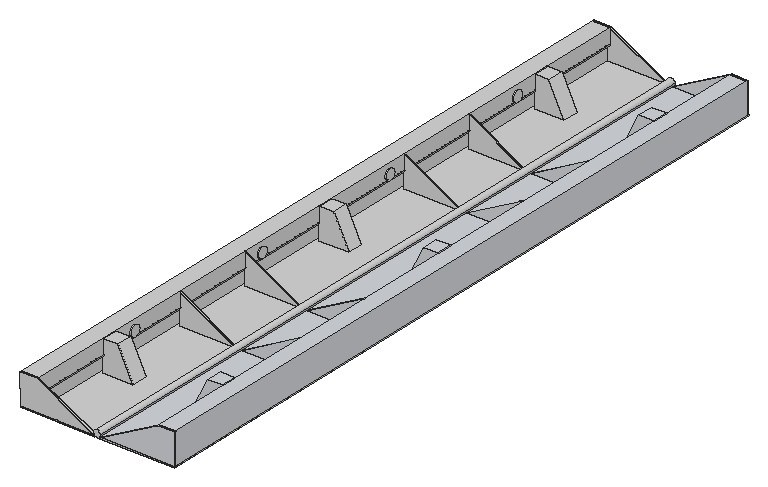
Revit family "ORMA_ORMA HINGED INSIDE CORNER 2,7_1900096", category Generic Models, Revit 2018
Family settings
  Can host rebar = No
  Round Connector Dimension = Use Diameter
  Part Type = Normal
  OmniClass Number = 35.51.14.00
  OmniClass Title = FORMWORK
  Work Plane-Based = Yes
  Always vertical = No
  Cut with Voids When Loaded = No
  Shared = Yes
  Room Calculation Point = No
Parameters
  VERSION = "20190101"  # constant formula
  URL = "www.ulmaconstruction.com/en"
  UNICLASS = ""
  REAL ANGLE [instance] = if(ANGLE < 65.00°, 65.00°, if(ANGLE < 265.00°, ANGLE, 265.00°))  # 180.00°
  ITEM_CODE = "1900096"
  Manufacturer = "ULMA CONSTRUCTION"  # constant formula
  INSERTION PLANE POSITION [instance] = if(19.621 mm - INSERTION PLANE CALCULATION < 0.000 mm, 0.000 mm, 19.621 mm - INSERTION PLANE CALCULATION)  # 19.621 mm
  INSERTION PLANE CALCULATION [instance] = if(REAL ANGLE = 180.00°, 0.000 mm, (12.500 mm * sin(90.00° - REAL ANGLE) + 12.500 mm) * tan(90.00° - REAL ANGLE) + 12.500 mm * cos(90.00° - REAL ANGLE))  # 0.000 mm
  FILTER [instance] = ""
  Default Elevation = 0.000 mm
  CLASSIFICATION_TITLE = ""
  CLASSIFICATION_NUMBER = ""
  ANGLE [instance] = 180.00°
Reference planes
  plane 1 "Centro (Frontal/Posterior)": y = 0
  plane 2: z = 0
  plane 3 "Centro (Izquierda/Derecha)": x = 0
  plane 4 "ITEM_HEIGHT": y = 2700
  plane 5 "CENTER": z = 12.5
  plane 6 "INSERTION PLANE": x = 0
  plane 7 "TIE HOLE 1": y = 560
  plane 8 "TIE HOLE 2": y = 2140
  plane 9 "LATERAL HOLE 1": y = 450
  plane 10 "LATERAL HOLE 2": y = 1050
  plane 11 "INSERTION PLANE BASE": x = 19.621
  plane 12 "TIE HOLES": x = -261.5
  plane 13 "Centro I/L": y = 1650
  plane 14 "Centro I/M": y = 2250
Forms (mm)
  Extrusion 1, solid, material "ULMA ZINC"
    sketch origin (0, 0, 0) x (1, 0, 0) y (0, 0, 1)
      loop
        circle (0, 12.5) r 12.5
    from -2700 to 0
  Extrusion 2, solid, material "ULMA ZINC", detail levels fine
    sketch origin (0, 0, 0) x (1, 0, 0) y (0, 0, 1)
      loop
        line (-10, 4) -> (-290, 4) -> (-290, 0) -> (-10, 0) -> (-10, 4)
    from -2700 to 0
  Extrusion 3, solid, material "ULMA ZINC", detail levels fine
    sketch origin (0, 0, 0) x (1, 0, 0) y (0, 0, 1)
      loop
        line (-290, 120) -> (-290, 4) -> (-237.5, 4) -> (-237.5, 52.039)
        arc (-237.5, 52.039) -> (-237.085, 53.419) -> (-235.977, 54.341) r 2.5
        line (-235.977, 54.341) -> (-228.656, 57.448)
        arc (-228.656, 57.448) -> (-225.997, 59.66) -> (-225, 62.971) r 6
        line (-225, 62.971) -> (-225, 120) -> (-290, 120)
    from -2694 to -6
  Extrusion 4, solid, material "ULMA ZINC", detail levels fine
    sketch origin (0, 0, 0) x (1, 0, 0) y (0, 0, 1)
      loop
        line (-225, 120) -> (-225, 4) -> (-12, 4) -> (-225, 120)
    from -668 to -672
  Extrusion 5, solid, material "ULMA ZINC", detail levels fine
    sketch origin (0, 0, -4) x (1, 0, 0) y (0, 0, 1)
      loop
        line (-290, 124) -> (-290, 8) -> (-12, 8) -> (-227.145, 124) -> (-290, 124)
    from 0 to -6
  Extrusion 6, solid, material "ULMA ZINC", detail levels fine
    sketch origin (0, 2700, 0) x (-1, 0, 0) y (0, 0, 1)
      loop
        line (290, 120) -> (227.145, 120) -> (12, 4) -> (290, 4) -> (290, 120)
    from 0 to -6
  Extrusion 7, solid, material "ULMA ZINC", detail levels fine
    sketch origin (-225, 307, 1200) x (-1, 0, 0) y (0, 0, 1)
      loop
        line (0, -1080) -> (-55.487, -1080) -> (-112, -1196) -> (0, -1196) -> (0, -1080)
    from 0 to 60
  Extrusion 8, solid, material "ULMA ZINC", detail levels fine
    sketch origin (0, 0, 0) x (1, 0, 0) y (0, 0, 1)
      loop
        line (-225, 120) -> (-225, 4) -> (-12, 4) -> (-225, 120)
    from -973 to -977
  Extrusion 9, solid, material "ULMA ZINC", detail levels fine
    sketch origin (0, 0, 0) x (1, 0, 0) y (0, 0, 1)
      loop
        line (-225, 120) -> (-225, 4) -> (-12, 4) -> (-225, 120)
    from -1723 to -1727
  Extrusion 10, solid, material "ULMA ZINC", detail levels fine
    sketch origin (0, 0, 0) x (1, 0, 0) y (0, 0, 1)
      loop
        line (-225, 120) -> (-225, 4) -> (-12, 4) -> (-225, 120)
    from -2028 to -2032
  Extrusion 11, solid, material "ULMA ZINC", detail levels fine
    sketch origin (-225, 1322, 1200) x (-1, 0, 0) y (0, 0, 1)
      loop
        line (0, -1080) -> (-55.487, -1080) -> (-112, -1196) -> (0, -1196) -> (0, -1080)
    from 0 to 60
  Extrusion 12, solid, material "ULMA ZINC", detail levels fine
    sketch origin (-225, 0, 62.971) x (0, 0, 1) y (0, -1, 0)
      loop
        circle (23.029, -450) r 19
    from 0 to 8
  Extrusion 13, solid, material "ULMA ZINC", detail levels fine
    sketch origin (-225, 600, 62.971) x (0, 0, 1) y (0, -1, 0)
      loop
        circle (23.029, -450) r 19
    from 0 to 8
  Extrusion 14, solid, material "ULMA ZINC", detail levels coarse+medium
    sketch origin (0, 0, 0) x (1, 0, 0) y (0, 0, 1)
      loop
        line (-290, 120) -> (-290, 0) -> (-4.581, 0) -> (-227.145, 120) -> (-290, 120)
    from 0 to -2700
  Extrusion 15, solid, material "ULMA ZINC", detail levels fine
    sketch origin (-225, 2337, 1200) x (-1, 0, 0) y (0, 0, 1)
      loop
        line (0, -1080) -> (-55.487, -1080) -> (-112, -1196) -> (0, -1196) -> (0, -1080)
    from 0 to 60
  Extrusion 16, solid, material "ULMA ZINC", detail levels fine
    sketch origin (-225, 1200, 62.971) x (0, 0, 1) y (0, -1, 0)
      loop
        circle (23.029, -450) r 19
    from 0 to 8
  Extrusion 17, solid, material "ULMA ZINC", detail levels fine
    sketch origin (-225, 1800, 62.971) x (0, 0, 1) y (0, -1, 0)
      loop
        circle (23.029, -450) r 19
    from 0 to 8
Lines and regions (mm)
  reference lines
    curve 1: line (0, 0, 12.5) -> (311.15, 0, 12.5)
    curve 22: line (261.5, 0, 120) -> (261.5, 2700, 120)
    curve 23: line (259.645, 2700, 119) -> (259.645, 2700, -1)
  model lines, style "ULMA PANELS", detail levels fine
    curve 2: circle (-170, 307, 64) r 10.25 normal (0, 1, 0)
    curve 3: circle (-170, 367, 64) r 10.25 normal (0, 1, 0)
    curve 4: circle (-170, 1322, 64) r 10.25 normal (0, 1, 0)
    curve 5: circle (-170, 1382, 64) r 10.25 normal (0, 1, 0)
    curve 6: circle (-261.5, 560, 0) r 13 normal (0, 0, 1)
    curve 7: arc (-246, 567.5, 120) -> (-261.5, 583, 120) -> (-277, 567.5, 120) r 15.5
    curve 8: line (-277, 552.5, 120) -> (-277, 567.5, 120)
    curve 9: arc (-277, 552.5, 120) -> (-261.5, 537, 120) -> (-246, 552.5, 120) r 15.5
    curve 10: line (-246, 567.5, 120) -> (-246, 552.5, 120)
    curve 11: circle (-261.5, 560, 120) r 13 normal (0, 0, 1)
    curve 12: circle (-261.5, 2140, 0) r 13 normal (0, 0, 1)
    curve 13: arc (-246, 2147.5, 120) -> (-261.5, 2163, 120) -> (-277, 2147.5, 120) r 15.5
    curve 14: line (-277, 2132.5, 120) -> (-277, 2147.5, 120)
    curve 15: arc (-277, 2132.5, 120) -> (-261.5, 2117, 120) -> (-246, 2132.5, 120) r 15.5
    curve 16: line (-246, 2147.5, 120) -> (-246, 2132.5, 120)
    curve 17: circle (-261.5, 2140, 120) r 13 normal (0, 0, 1)
    curve 18: circle (-217, 450, 86) r 11 normal (1, 0, 0)
    curve 19: circle (-290, 450, 86) r 11 normal (1, 0, 0)
    curve 20: circle (-217, 1050, 86) r 11 normal (1, 0, 0)
    curve 21: circle (-290, 1050, 86) r 11 normal (1, 0, 0)
    curve 24: circle (-170, 2337, 64) r 10.25 normal (0, 1, 0)
    curve 25: circle (-170, 2397, 64) r 10.25 normal (0, 1, 0)
    curve 26: circle (-217, 1650, 86) r 11 normal (1, 0, 0)
    curve 27: circle (-290, 1650, 86) r 11 normal (1, 0, 0)
    curve 28: circle (-217, 2250, 86) r 11 normal (1, 0, 0)
    curve 29: circle (-290, 2250, 86) r 11 normal (1, 0, 0)
Dimensions and locks
  locked: plane 1 "Centro (Frontal/Posterior)" to plane 4 "ITEM_HEIGHT" at 2700
  locked: plane 11 "INSERTION PLANE BASE" to plane 3 "Centro (Izquierda/Derecha)" at 19.621
  "INSERTION PLANE POSITION": plane 11 "INSERTION PLANE BASE" to plane 6 "INSERTION PLANE"
  locked: plane 12 "TIE HOLES" to plane 3 "Centro (Izquierda/Derecha)" at 261.5
  "REAL ANGLE": angle curve 1 to plane 5 "CENTER"
  aligned and locked: level to plane 2
  aligned and locked: plane 4 "ITEM_HEIGHT" to Extrusion 1
  aligned and locked: plane 1 "Centro (Frontal/Posterior)" to Extrusion 1
  aligned and locked: plane 3 "Centro (Izquierda/Derecha)" to curve 1
  aligned and locked: plane 5 "CENTER" to curve 1
  aligned and locked: plane 4 "ITEM_HEIGHT" to Extrusion 2
  aligned and locked: plane 4 "ITEM_HEIGHT" to Extrusion 14
Automatic sketch dimensions
  Extrusion 1 sketch curve to plane 3 "Centro (Izquierda/Derecha)" = 0.000 mm
  Extrusion 1 sketch curve to plane 5 "CENTER" = 0.000 mm
  plane 3 "Centro (Izquierda/Derecha)" to Extrusion 2 sketch curve = 10.000 mm
  Extrusion 2 sketch curve to level = 4.000 mm
  Extrusion 5 sketch curve to level = 4.000 mm
  plane 3 "Centro (Izquierda/Derecha)" to Extrusion 5 sketch curve = 290.000 mm
  Extrusion 5 sketch curve to Extrusion 5 sketch curve = 62.855 mm
  plane 3 "Centro (Izquierda/Derecha)" to Extrusion 5 sketch curve = 12.000 mm
  Extrusion 6 sketch curve to plane 3 "Centro (Izquierda/Derecha)" = 227.145 mm
  plane 3 "Centro (Izquierda/Derecha)" to Extrusion 2 sketch curve = 290.000 mm
  Extrusion 2 sketch curve to level = 0.000 mm
  Extrusion 3 sketch curve to level = 4.000 mm
  Extrusion 3 sketch curve to Extrusion 3 sketch curve = 52.500 mm
  plane 3 "Centro (Izquierda/Derecha)" to Extrusion 3 sketch curve = 237.500 mm
  Extrusion 3 sketch curve to Extrusion 3 sketch curve = 48.039 mm
  Extrusion 3 sketch curve to Extrusion 3 sketch curve = 67.961 mm
  Extrusion 3 sketch curve to Extrusion 3 sketch curve = 1.523 mm
  Extrusion 3 sketch curve to Extrusion 3 sketch curve = 0.977 mm
  Extrusion 3 sketch curve to plane 5 "CENTER" = 44.948 mm
  Extrusion 3 sketch curve to Extrusion 3 sketch curve = 7.321 mm
  Extrusion 3 sketch curve to Extrusion 3 sketch curve = 3.656 mm
  Extrusion 3 sketch curve to Extrusion 3 sketch curve = 5.523 mm
  Extrusion 4 sketch curve to plane 5 "CENTER" = 107.500 mm
  Extrusion 4 sketch curve to Extrusion 4 sketch curve = 213.000 mm
  Extrusion 4 sketch curve to level = 4.000 mm
  plane 3 "Centro (Izquierda/Derecha)" to Extrusion 4 sketch curve = 12.000 mm
  Extrusion 5 sketch curve to plane 5 "CENTER" = 107.500 mm
  level to Extrusion 6 sketch curve = 4.000 mm
  Extrusion 6 sketch curve to Extrusion 6 sketch curve = 62.855 mm
  Extrusion 6 sketch curve to plane 3 "Centro (Izquierda/Derecha)" = 12.000 mm
  plane 5 "CENTER" to Extrusion 6 sketch curve = 107.500 mm
  Extrusion 8 sketch curve to level = 4.000 mm
  plane 3 "Centro (Izquierda/Derecha)" to Extrusion 8 sketch curve = 225.000 mm
  plane 3 "Centro (Izquierda/Derecha)" to Extrusion 8 sketch curve = 12.000 mm
  Extrusion 8 sketch curve to plane 5 "CENTER" = 107.500 mm
  Extrusion 9 sketch curve to level = 4.000 mm
  plane 3 "Centro (Izquierda/Derecha)" to Extrusion 9 sketch curve = 225.000 mm
  plane 3 "Centro (Izquierda/Derecha)" to Extrusion 9 sketch curve = 12.000 mm
  Extrusion 9 sketch curve to plane 5 "CENTER" = 107.500 mm
  Extrusion 10 sketch curve to level = 4.000 mm
  plane 3 "Centro (Izquierda/Derecha)" to Extrusion 10 sketch curve = 225.000 mm
  plane 3 "Centro (Izquierda/Derecha)" to Extrusion 10 sketch curve = 12.000 mm
  Extrusion 10 sketch curve to plane 5 "CENTER" = 107.500 mm
  Extrusion 7 sketch curve to Extrusion 7 sketch curve = 56.513 mm
  Extrusion 7 sketch curve to Extrusion 7 sketch curve = 112.000 mm
  Extrusion 7 sketch curve to Extrusion 7 sketch curve = 116.000 mm
  Extrusion 11 sketch curve to Extrusion 11 sketch curve = 56.513 mm
  Extrusion 11 sketch curve to Extrusion 11 sketch curve = 112.000 mm
  Extrusion 11 sketch curve to Extrusion 11 sketch curve = 116.000 mm
  Extrusion 14 sketch curve to level = 0.000 mm
  Extrusion 14 sketch curve to plane 3 "Centro (Izquierda/Derecha)" = 290.000 mm
  Extrusion 14 sketch curve to Extrusion 14 sketch curve = 62.855 mm
  Extrusion 14 sketch curve to plane 3 "Centro (Izquierda/Derecha)" = 4.581 mm
  plane 5 "CENTER" to Extrusion 14 sketch curve = 107.500 mm
  curve 23 to curve 23 = 105.625 mm
  curve 23 to curve 23 = 56.950 mm
  Extrusion 15 sketch curve to Extrusion 15 sketch curve = 56.513 mm
  Extrusion 15 sketch curve to Extrusion 15 sketch curve = 112.000 mm
  Extrusion 15 sketch curve to Extrusion 15 sketch curve = 116.000 mm
  curve 22 to curve 22 = 2700.000 mm
  level to Extrusion 15 sketch curve = 4.000 mm
  Extrusion 15 sketch curve to plane 3 "Centro (Izquierda/Derecha)" = 113.000 mm
  Extrusion 15 to curve 24 = 55.000 mm
  Extrusion 15 to curve 24 = 56.000 mm
  curve 25 to Extrusion 15 = 55.000 mm
  curve 25 to Extrusion 15 = 56.000 mm
  Extrusion 17 sketch curve to plane 14 "Centro I/M" = 0.000 mm
  plane 5 "CENTER" to Extrusion 17 sketch curve = 73.500 mm
  curve 29 to plane 14 "Centro I/M" = 0.000 mm
  plane 5 "CENTER" to curve 29 = 73.500 mm
  curve 12 to plane 8 "TIE HOLE 2" = 0.000 mm
  curve 12 to plane 12 "TIE HOLES" = 0.000 mm
  curve 13 to Extrusion 3 = 28.500 mm
  curve 17 to curve 13 = 0.000 mm
  Extrusion 3 to curve 15 = 561.500 mm
  curve 15 to curve 17 = 7.500 mm
  curve 17 to curve 13 = 7.500 mm
  curve 14 to Extrusion 3 = 13.000 mm
  Extrusion 16 sketch curve to plane 13 "Centro I/L" = 0.000 mm
  plane 5 "CENTER" to Extrusion 16 sketch curve = 73.500 mm
  curve 27 to plane 13 "Centro I/L" = 0.000 mm
  plane 5 "CENTER" to curve 27 = 73.500 mm
  level to Extrusion 11 sketch curve = 4.000 mm
  Extrusion 11 sketch curve to plane 3 "Centro (Izquierda/Derecha)" = 113.000 mm
  Extrusion 11 to curve 4 = 55.000 mm
  Extrusion 11 to curve 4 = 56.000 mm
  curve 5 to Extrusion 11 = 55.000 mm
  curve 5 to Extrusion 11 = 56.000 mm
  Extrusion 13 sketch curve to plane 10 "LATERAL HOLE 2" = 0.000 mm
  plane 5 "CENTER" to Extrusion 13 sketch curve = 73.500 mm
  curve 21 to plane 10 "LATERAL HOLE 2" = 0.000 mm
  plane 5 "CENTER" to curve 21 = 73.500 mm
  curve 6 to plane 7 "TIE HOLE 1" = 0.000 mm
  curve 6 to plane 12 "TIE HOLES" = 0.000 mm
  curve 7 to plane 12 "TIE HOLES" = 0.000 mm
  curve 11 to plane 7 "TIE HOLE 1" = 0.000 mm
  curve 11 to plane 12 "TIE HOLES" = 0.000 mm
  curve 9 to plane 7 "TIE HOLE 1" = 7.500 mm
  curve 11 to curve 7 = 7.500 mm
  curve 8 to plane 12 "TIE HOLES" = 15.500 mm
  Extrusion 12 sketch curve to plane 9 "LATERAL HOLE 1" = 0.000 mm
  plane 5 "CENTER" to Extrusion 12 sketch curve = 73.500 mm
  curve 19 to plane 9 "LATERAL HOLE 1" = 0.000 mm
  plane 5 "CENTER" to curve 19 = 73.500 mm
  level to Extrusion 7 sketch curve = 4.000 mm
  Extrusion 7 sketch curve to plane 3 "Centro (Izquierda/Derecha)" = 113.000 mm
  Extrusion 7 to curve 2 = 55.000 mm
  Extrusion 7 to curve 2 = 56.000 mm
  curve 3 to Extrusion 7 = 55.000 mm
  curve 3 to Extrusion 7 = 56.000 mm
  radius of Extrusion 1 sketch curve = 12.500 mm
  radius of Extrusion 12 sketch curve = 19.000 mm
  radius of curve 18 to Extrusion 12 = 8.000 mm  (x2)
  radius of curve 19 = 11.000 mm  (x2)
  radius of Extrusion 13 sketch curve = 19.000 mm
  radius of curve 20 to Extrusion 13 = 8.000 mm  (x2)
  radius of curve 21 = 11.000 mm  (x2)
  radius of Extrusion 16 sketch curve = 19.000 mm
  radius of curve 26 to Extrusion 16 = 8.000 mm  (x2)
  radius of curve 27 = 11.000 mm  (x2)
  radius of Extrusion 17 sketch curve = 19.000 mm
  radius of curve 28 to Extrusion 17 = 8.000 mm  (x2)
  radius of curve 29 = 11.000 mm  (x2)
  radius of curve 24 = 10.250 mm
  radius of curve 25 = 10.250 mm
  radius of curve 12 = 13.000 mm
  radius of curve 17 = 13.000 mm
  radius of curve 4 = 10.250 mm
  radius of curve 5 = 10.250 mm
  radius of curve 6 = 13.000 mm
  radius of curve 11 = 13.000 mm
  radius of curve 2 = 10.250 mm
  radius of curve 3 = 10.250 mm
Nested families
  nested 1: "LATERAL ESCUADRA INT G - 1908347_PANELS" at (0, 0, 0) x (-1, 0, 0) z (0, 0, 1), type "LATERAL ESCUADRA INT G - 1908347_PANELS"
    with FILTER ""
Definition of nested family "LATERAL ESCUADRA INT G - 1908347_PANELS"
  Parameters (values of type "LATERAL ESCUADRA INT G - 1908347_PANELS")
    VERSION = "20190101"  # constant formula
    URL = "www.ulmaconstruction.com/en"
    UNICLASS = ""
    Manufacturer = "ULMA CONSTRUCTION"  # constant formula
    FILTER [instance] = ""
    Default Elevation = 0.000 mm
    CLASSIFICATION_TITLE = ""
    CLASSIFICATION_NUMBER = ""
  Reference planes
    plane 1 "Centro (Frontal/Posterior)": y = 0
    plane 2: z = 0
    plane 3 "Centro (Izquierda/Derecha)": x = 0
    plane 4 "ITEM_HEIGHT": y = 2700
    plane 5 "CENTER": z = 12.5
    plane 6 "TIE HOLE 1": y = 560
    plane 7 "TIE HOLE 2": y = 2140
    plane 8 "LATERAL HOLE 1": y = 450
    plane 9 "LATERAL HOLE 1": y = 450
    plane 10 "LATERAL HOLE 2": y = 1050
    plane 11 "TIE HOLES": x = -261.5
    plane 12 "Centro I/L": y = 1650
    plane 13 "Centro I/M": y = 2250
  Forms (mm)
    Extrusion 1, solid, detail levels fine
      sketch origin (0, 0, 0) x (1, 0, 0) y (0, 0, 1)
        loop
          line (-10, 4) -> (-290, 4) -> (-290, 0) -> (-10, 0) -> (-10, 4)
      from -2700 to 0
    Extrusion 2, solid, detail levels fine
      sketch origin (0, 0, 0) x (1, 0, 0) y (0, 0, 1)
        loop
          line (-290, 120) -> (-290, 4) -> (-237.5, 4) -> (-237.5, 52.039)
          arc (-237.5, 52.039) -> (-237.085, 53.419) -> (-235.977, 54.341) r 2.5
          line (-235.977, 54.341) -> (-228.656, 57.448)
          arc (-228.656, 57.448) -> (-225.997, 59.66) -> (-225, 62.971) r 6
          line (-225, 62.971) -> (-225, 120) -> (-290, 120)
      from -2694 to -6
    Extrusion 3, solid, detail levels fine
      sketch origin (0, 0, 0) x (1, 0, 0) y (0, 0, 1)
        loop
          line (-225, 120) -> (-225, 4) -> (-12, 4) -> (-225, 120)
      from -668 to -672
    Extrusion 4, solid, detail levels fine
      sketch origin (0, 0, -4) x (1, 0, 0) y (0, 0, 1)
        loop
          line (-290, 124) -> (-290, 8) -> (-12, 8) -> (-227.145, 124) -> (-290, 124)
      from 0 to -6
    Extrusion 5, solid, detail levels fine
      sketch origin (0, 2700, 0) x (-1, 0, 0) y (0, 0, 1)
        loop
          line (290, 120) -> (227.145, 120) -> (12, 4) -> (290, 4) -> (290, 120)
      from 0 to -6
    Extrusion 6, solid, detail levels fine
      sketch origin (-225, 307, 1200) x (-1, 0, 0) y (0, 0, 1)
        loop
          line (0, -1080) -> (-55.487, -1080) -> (-112, -1196) -> (0, -1196) -> (0, -1080)
      from 0 to 60
    Extrusion 7, solid, detail levels fine
      sketch origin (0, 0, 0) x (1, 0, 0) y (0, 0, 1)
        loop
          line (-225, 120) -> (-225, 4) -> (-12, 4) -> (-225, 120)
      from -973 to -977
    Extrusion 8, solid, detail levels fine
      sketch origin (0, 0, 0) x (1, 0, 0) y (0, 0, 1)
        loop
          line (-225, 120) -> (-225, 4) -> (-12, 4) -> (-225, 120)
      from -1723 to -1727
    Extrusion 9, solid, detail levels fine
      sketch origin (0, 0, 0) x (1, 0, 0) y (0, 0, 1)
        loop
          line (-225, 120) -> (-225, 4) -> (-12, 4) -> (-225, 120)
      from -2028 to -2032
    Extrusion 10, solid, detail levels fine
      sketch origin (-225, 1322, 1200) x (-1, 0, 0) y (0, 0, 1)
        loop
          line (0, -1080) -> (-55.487, -1080) -> (-112, -1196) -> (0, -1196) -> (0, -1080)
      from 0 to 60
    Extrusion 11, solid, detail levels fine
      sketch origin (-225, 0, 62.971) x (0, 0, 1) y (0, -1, 0)
        loop
          circle (23.029, -450) r 19
      from 0 to 8
    Extrusion 12, solid, not visible, detail levels fine
      sketch origin (-225, 0, 62.971) x (0, 0, 1) y (0, -1, 0)
        loop
          circle (23.029, -450) r 19
      from 0 to 8
    Extrusion 13, solid, detail levels fine
      sketch origin (-225, 600, 62.971) x (0, 0, 1) y (0, -1, 0)
        loop
          circle (23.029, -450) r 19
      from 0 to 8
    Extrusion 14, solid, detail levels coarse+medium
      sketch origin (0, 0, 0) x (1, 0, 0) y (0, 0, 1)
        loop
          line (-290, 120) -> (-290, 0) -> (-4.581, 0) -> (-227.145, 120) -> (-290, 120)
      from 0 to -2700
    Extrusion 15, solid, detail levels fine
      sketch origin (-225, 2337, 1200) x (-1, 0, 0) y (0, 0, 1)
        loop
          line (0, -1080) -> (-55.487, -1080) -> (-112, -1196) -> (0, -1196) -> (0, -1080)
      from 0 to 60
    Extrusion 16, solid, detail levels fine
      sketch origin (-225, 1200, 62.971) x (0, 0, 1) y (0, -1, 0)
        loop
          circle (23.029, -450) r 19
      from 0 to 8
    Extrusion 17, solid, detail levels fine
      sketch origin (-225, 1800, 62.971) x (0, 0, 1) y (0, -1, 0)
        loop
          circle (23.029, -450) r 19
      from 0 to 8
  Lines and regions (mm)
    model lines, detail levels fine
      curve 1: circle (-170, 307, 64) r 10.25 normal (0, 1, 0)
      curve 2: circle (-170, 367, 64) r 10.25 normal (0, 1, 0)
      curve 3: circle (-170, 1322, 64) r 10.25 normal (0, 1, 0)
      curve 4: circle (-170, 1382, 64) r 10.25 normal (0, 1, 0)
      curve 5: circle (-261.5, 560, 0) r 13 normal (0, 0, 1)
      curve 6: arc (-246, 567.5, 120) -> (-261.5, 583, 120) -> (-277, 567.5, 120) r 15.5
      curve 7: line (-277, 552.5, 120) -> (-277, 567.5, 120)
      curve 8: arc (-277, 552.5, 120) -> (-261.5, 537, 120) -> (-246, 552.5, 120) r 15.5
      curve 9: line (-246, 567.5, 120) -> (-246, 552.5, 120)
      curve 10: circle (-261.5, 560, 120) r 13 normal (0, 0, 1)
      curve 11: circle (-261.5, 2140, 0) r 13 normal (0, 0, 1)
      curve 12: arc (-246, 2147.5, 120) -> (-261.5, 2163, 120) -> (-277, 2147.5, 120) r 15.5
      curve 13: line (-277, 2132.5, 120) -> (-277, 2147.5, 120)
      curve 14: arc (-277, 2132.5, 120) -> (-261.5, 2117, 120) -> (-246, 2132.5, 120) r 15.5
      curve 15: line (-246, 2147.5, 120) -> (-246, 2132.5, 120)
      curve 16: circle (-261.5, 2140, 120) r 13 normal (0, 0, 1)
      curve 17: circle (-217, 450, 86) r 11 normal (1, 0, 0)
      curve 18: circle (-290, 450, 86) r 11 normal (1, 0, 0)
      curve 21: circle (-217, 1050, 86) r 11 normal (1, 0, 0)
      curve 22: circle (-290, 1050, 86) r 11 normal (1, 0, 0)
      curve 23: circle (-170, 2337, 64) r 10.25 normal (0, 1, 0)
      curve 24: circle (-170, 2397, 64) r 10.25 normal (0, 1, 0)
      curve 25: circle (-217, 1650, 86) r 11 normal (1, 0, 0)
      curve 26: circle (-290, 1650, 86) r 11 normal (1, 0, 0)
      curve 27: circle (-217, 2250, 86) r 11 normal (1, 0, 0)
      curve 28: circle (-290, 2250, 86) r 11 normal (1, 0, 0)
    model lines, not visible, detail levels fine
      curve 19: circle (-217, 450, 86) r 11 normal (1, 0, 0)
      curve 20: circle (-290, 450, 86) r 11 normal (1, 0, 0)
  Dimensions and locks
    plane 1 "Centro (Frontal/Posterior)" to plane 4 "ITEM_HEIGHT" = 2700.000 mm
    locked: plane 4 "ITEM_HEIGHT" to Extrusion 2 at 6
    aligned and locked: level to plane 2
    aligned and locked: plane 4 "ITEM_HEIGHT" to Extrusion 1
    aligned and locked: plane 4 "ITEM_HEIGHT" to Extrusion 14
